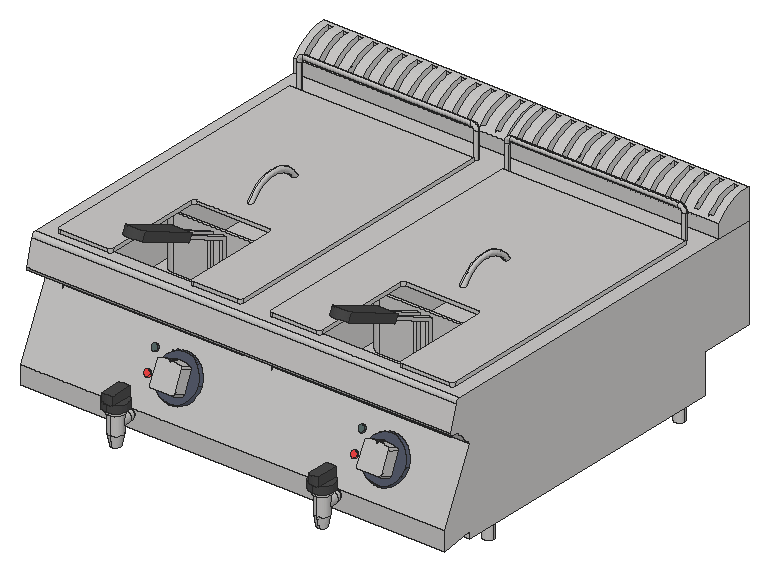
Revit family "QF_ZANUSSI_372076_Z7FREH2B00", category Specialty Equipment, Revit 2018 (continued)
Automatic sketch dimensions
  Extrusion 36 sketch curve to plane 7 "Center Y" = 71.036 mm
  Extrusion 36 sketch curve to Extrusion 36 sketch curve = 9.296 mm
  Extrusion 36 sketch curve to Extrusion 36 sketch curve = 57.15 mm
  plane 1 "BACK" to Extrusion 37 sketch curve = 6.761 mm
  Extrusion 37 sketch curve to plane 7 "Center Y" = 43.194 mm
  Extrusion 37 sketch curve to Extrusion 37 sketch curve = 9.296 mm
  Extrusion 37 sketch curve to Extrusion 37 sketch curve = 57.15 mm
  Extrusion 39 sketch curve to plane 1 "BACK" = 6.761 mm
  Extrusion 39 sketch curve to plane 7 "Center Y" = 15.351 mm
  Extrusion 39 sketch curve to Extrusion 39 sketch curve = 9.296 mm
  Extrusion 39 sketch curve to Extrusion 39 sketch curve = 57.15 mm
  Extrusion 46 sketch curve to plane 1 "BACK" = 6.761 mm
  Extrusion 46 sketch curve to plane 7 "Center Y" = 182.405 mm
  Extrusion 46 sketch curve to Extrusion 46 sketch curve = 9.296 mm
  Extrusion 46 sketch curve to Extrusion 46 sketch curve = 57.15 mm
  Extrusion 47 sketch curve to plane 1 "BACK" = 6.761 mm
  Extrusion 47 sketch curve to plane 7 "Center Y" = 154.563 mm
  Extrusion 47 sketch curve to Extrusion 47 sketch curve = 9.296 mm
  Extrusion 47 sketch curve to Extrusion 47 sketch curve = 57.15 mm
  Extrusion 48 sketch curve to plane 1 "BACK" = 6.761 mm
  Extrusion 48 sketch curve to plane 7 "Center Y" = 126.721 mm
  Extrusion 48 sketch curve to Extrusion 48 sketch curve = 9.296 mm
  Extrusion 48 sketch curve to Extrusion 48 sketch curve = 57.15 mm
  Extrusion 49 sketch curve to plane 1 "BACK" = 6.761 mm
  Extrusion 49 sketch curve to plane 7 "Center Y" = 98.878 mm
  Extrusion 49 sketch curve to Extrusion 49 sketch curve = 9.296 mm
  Extrusion 49 sketch curve to Extrusion 49 sketch curve = 57.15 mm
  Extrusion 50 sketch curve to plane 1 "BACK" = 6.761 mm
  Extrusion 50 sketch curve to plane 7 "Center Y" = 71.036 mm
  Extrusion 50 sketch curve to Extrusion 50 sketch curve = 9.296 mm
  Extrusion 50 sketch curve to Extrusion 50 sketch curve = 57.15 mm
  Extrusion 51 sketch curve to plane 1 "BACK" = 6.761 mm
  Extrusion 51 sketch curve to plane 7 "Center Y" = 43.194 mm
  Extrusion 51 sketch curve to Extrusion 51 sketch curve = 9.296 mm
  Extrusion 51 sketch curve to Extrusion 51 sketch curve = 57.15 mm
  plane 7 "Center Y" to Extrusion 52 sketch curve = 1.588 mm
  Extrusion 52 sketch curve to plane 7 "Center Y" = 1.587 mm
  Extrusion 52 sketch curve to plane 1 "BACK" = 0 mm
  Extrusion 52 sketch curve to Extrusion 52 sketch curve = 69.85 mm
  plane 3 "LEFT" to Blend 53 sketch curve = 275 mm  (x2)
  plane 3 "LEFT" to Extrusion 54 sketch curve = 252 mm
  Extrusion 54 sketch curve to Extrusion 54 sketch curve = 2.997 mm  (x3)
  Extrusion 54 sketch curve to Extrusion 54 sketch curve = 20.003 mm  (x2)
  Extrusion 54 sketch curve to Extrusion 54 sketch curve = 40.005 mm
  Extrusion 54 sketch curve to Extrusion 54 sketch curve = 5.399 mm
  Extrusion 54 sketch curve to Extrusion 54 sketch curve = 40.037 mm
  Extrusion 54 sketch curve to Extrusion 54 sketch curve = 0 mm  (x2)
  Extrusion 55 sketch curve to plane 5 "FRONT" = 9.329 mm
  Extrusion 55 sketch curve to plane 10 "TOP A" = 112.016 mm
  Extrusion 55 sketch curve to Extrusion 55 sketch curve = 3 mm
  Extrusion 55 sketch curve to Extrusion 55 sketch curve = 0 mm  (x2)
  Extrusion 55 sketch curve to Extrusion 55 sketch curve = 1 mm
  Extrusion 55 sketch curve to Extrusion 55 sketch curve = 15 mm
  plane 3 "LEFT" to Extrusion 56 sketch curve = 219.999 mm
  plane 3 "LEFT" to Extrusion 57 sketch curve = 257.5 mm
  Extrusion 57 sketch curve to Extrusion 57 sketch curve = 35 mm  (x2)
  plane 3 "LEFT" to Blend 58 sketch curve = 665 mm  (x2)
  plane 3 "LEFT" to Extrusion 59 sketch curve = 642 mm
  Extrusion 59 sketch curve to Extrusion 59 sketch curve = 2.997 mm  (x3)
  Extrusion 59 sketch curve to Extrusion 59 sketch curve = 20.003 mm  (x2)
  Extrusion 59 sketch curve to Extrusion 59 sketch curve = 40.005 mm
  Extrusion 59 sketch curve to Extrusion 59 sketch curve = 5.399 mm
  Extrusion 59 sketch curve to Extrusion 59 sketch curve = 40.037 mm
  Extrusion 59 sketch curve to Extrusion 59 sketch curve = 0 mm  (x2)
  plane 3 "LEFT" to Extrusion 60 sketch curve = 647.5 mm
  Extrusion 60 sketch curve to Extrusion 60 sketch curve = 35 mm  (x2)
  Extrusion 61 sketch curve to plane 5 "FRONT" = 9.329 mm
  Extrusion 61 sketch curve to plane 10 "TOP A" = 112.016 mm
  Extrusion 61 sketch curve to Extrusion 61 sketch curve = 3 mm
  Extrusion 61 sketch curve to Extrusion 61 sketch curve = 0 mm
  Extrusion 61 sketch curve to Extrusion 61 sketch curve = 1 mm  (x2)
  Extrusion 61 sketch curve to Extrusion 61 sketch curve = 15 mm
  plane 3 "LEFT" to Extrusion 62 sketch curve = 219.999 mm
  plane 3 "LEFT" to Extrusion 63 sketch curve = 609.999 mm
  plane 3 "LEFT" to Extrusion 64 sketch curve = 609.999 mm
  Extrusion 1 sketch curve to plane 5 "FRONT" = 0 mm
  Extrusion 1 sketch curve to plane 10 "TOP A" = 0 mm
  Extrusion 1 sketch curve to plane 9 "BASE" = 0 mm
  Extrusion 1 sketch curve to plane 1 "BACK" = 0 mm
  Extrusion 1 sketch curve to plane 5 "FRONT" = 15.116 mm
  Extrusion 1 sketch curve to Extrusion 1 sketch curve = 2.884 mm
  Extrusion 1 sketch curve to plane 10 "TOP A" = 7.474 mm
  Extrusion 1 sketch curve to plane 5 "FRONT" = 28.167 mm
  Extrusion 1 sketch curve to Extrusion 1 sketch curve = 10.198 mm
  plane 9 "BASE" to Extrusion 1 sketch curve = 13.428 mm
  Extrusion 1 sketch curve to plane 5 "FRONT" = 56.355 mm
  Extrusion 1 sketch curve to Extrusion 1 sketch curve = 0.445 mm
  Extrusion 1 sketch curve to Extrusion 1 sketch curve = 3.2 mm
  Extrusion 1 sketch curve to Extrusion 1 sketch curve = 31.82 mm
  Extrusion 1 sketch curve to plane 12 = 44.638 mm
  plane 9 "BASE" to Extrusion 1 sketch curve = 5.508 mm
  Extrusion 1 sketch curve to Extrusion 1 sketch curve = 35 mm
  Extrusion 1 sketch curve to Extrusion 1 sketch curve = 74 mm
  Extrusion 1 sketch curve to Extrusion 1 sketch curve = 81.162 mm
  Extrusion 1 sketch curve to Extrusion 1 sketch curve = 49.342 mm
  Extrusion 1 sketch curve to Extrusion 1 sketch curve = 3 mm
  Extrusion 2 sketch curve to plane 10 "TOP A" = 0 mm
  Extrusion 2 sketch curve to plane 1 "BACK" = 0 mm
  Extrusion 2 sketch curve to plane 6 "TOP" = 0 mm
  plane 1 "BACK" to Extrusion 2 sketch curve = 1.769 mm
  plane 10 "TOP A" to Extrusion 2 sketch curve = 25.4 mm
  plane 1 "BACK" to Extrusion 2 sketch curve = 69.85 mm
  plane 12 to Extrusion 3 sketch curve = 0.124 mm  (x2)
  Extrusion 3 sketch curve to plane 4 "RIGHT" = 33.338 mm
  plane 7 "Center Y" to Extrusion 3 sketch curve = 26.988 mm
  Extrusion 3 sketch curve to plane 7 "Center Y" = 26.988 mm
  plane 3 "LEFT" to Extrusion 3 sketch curve = 33.338 mm
  plane 11 to Extrusion 3 sketch curve = 57.877 mm
  Extrusion 3 sketch curve to Extrusion 3 sketch curve = 0 mm
  plane 11 to Extrusion 5 sketch curve = 0 mm  (x2)
  plane 12 to Extrusion 5 sketch curve = 0 mm  (x2)
  plane 3 "LEFT" to Extrusion 5 sketch curve = 11.112 mm  (x2)
  Extrusion 5 sketch curve to plane 4 "RIGHT" = 11.113 mm  (x2)
  Revolve 6 sketch curve to plane 9 "BASE" = 8.123 mm
  plane 5 "FRONT" to Revolve 6 sketch curve = 32.926 mm
  Revolve 6 sketch curve to Revolve 6 sketch curve = 9.009 mm
  plane 5 "FRONT" to Revolve 6 sketch curve = 20.301 mm
  Revolve 6 sketch curve to Revolve 6 sketch curve = 3.277 mm
  Revolve 6 sketch curve to Revolve 6 sketch curve = 6.35 mm
  plane 9 "BASE" to Revolve 6 sketch curve = 12.388 mm
  Revolve 6 sketch curve to Revolve 6 sketch curve = 36.341 mm
  Revolve 6 sketch curve to Revolve 6 sketch curve = 7.879 mm
  Revolve 6 sketch curve to Revolve 6 sketch curve = 12.7 mm  (x2)
  Revolve 6 sketch curve to Revolve 6 sketch curve = 0 mm
  Revolve 6 sketch curve to Revolve 6 sketch curve = 15.064 mm
  plane 5 "FRONT" to Revolve 7 sketch curve = 34.322 mm
  plane 5 "FRONT" to Revolve 7 sketch curve = 12.357 mm
  plane 5 "FRONT" to Revolve 7 sketch curve = 3.364 mm
  Revolve 7 sketch curve to plane 5 "FRONT" = 16.478 mm
  plane 9 "BASE" to Revolve 7 sketch curve = 19.447 mm
  Revolve 7 sketch curve to Revolve 7 sketch curve = 1.702 mm
  Revolve 7 sketch curve to Revolve 7 sketch curve = 2.047 mm
  Revolve 7 sketch curve to Revolve 7 sketch curve = 12.303 mm
  Revolve 7 sketch curve to Revolve 7 sketch curve = 0 mm  (x2)
  Revolve 7 sketch curve to Revolve 7 sketch curve = 9.137 mm
  Revolve 8 sketch curve to plane 9 "BASE" = 8.123 mm
  plane 5 "FRONT" to Revolve 8 sketch curve = 32.926 mm
  Revolve 8 sketch curve to Revolve 8 sketch curve = 9.009 mm
  plane 5 "FRONT" to Revolve 8 sketch curve = 20.301 mm
  Revolve 8 sketch curve to Revolve 8 sketch curve = 3.277 mm
  Revolve 8 sketch curve to Revolve 8 sketch curve = 6.35 mm
  plane 9 "BASE" to Revolve 8 sketch curve = 12.388 mm
  Revolve 8 sketch curve to Revolve 8 sketch curve = 36.341 mm
  Revolve 8 sketch curve to Revolve 8 sketch curve = 7.879 mm
  Revolve 8 sketch curve to Revolve 8 sketch curve = 12.7 mm  (x2)
  Revolve 8 sketch curve to Revolve 8 sketch curve = 0 mm
  Revolve 8 sketch curve to Revolve 8 sketch curve = 15.064 mm
  plane 5 "FRONT" to Revolve 9 sketch curve = 34.322 mm
  plane 5 "FRONT" to Revolve 9 sketch curve = 12.357 mm
  plane 5 "FRONT" to Revolve 9 sketch curve = 3.364 mm
  Revolve 9 sketch curve to plane 5 "FRONT" = 16.478 mm
  plane 9 "BASE" to Revolve 9 sketch curve = 19.447 mm
  Revolve 9 sketch curve to Revolve 9 sketch curve = 1.702 mm
  Revolve 9 sketch curve to Revolve 9 sketch curve = 2.047 mm
  Revolve 9 sketch curve to Revolve 9 sketch curve = 12.303 mm
  Revolve 9 sketch curve to Revolve 9 sketch curve = 0 mm  (x2)
  Revolve 9 sketch curve to Revolve 9 sketch curve = 9.137 mm
  Extrusion 10 sketch curve to Extrusion 10 sketch curve = 0 mm  (x5)
  Extrusion 10 sketch curve to Extrusion 10 sketch curve = 20.063 mm  (x2)
  Revolve 6 to Extrusion 10 sketch curve = 9.626 mm
  Extrusion 10 sketch curve to Revolve 6 = 9.626 mm
  Extrusion 10 sketch curve to Extrusion 10 sketch curve = 369.686 mm
  Extrusion 10 sketch curve to Extrusion 10 sketch curve = 9.626 mm
  plane 9 "BASE" to Extrusion 11 sketch curve = 33.906 mm
  plane 1 "BACK" to Extrusion 12 sketch curve = 0 mm
  Extrusion 12 sketch curve to plane 3 "LEFT" = 0 mm
  Extrusion 12 sketch curve to plane 4 "RIGHT" = 0 mm
  Extrusion 12 sketch curve to plane 3 "LEFT" = 150.019 mm
  plane 5 "FRONT" to Extrusion 12 sketch curve = 1.377 mm  (x2)
  plane 4 "RIGHT" to Extrusion 12 sketch curve = 150.019 mm
  Extrusion 12 sketch curve to plane 1 "BACK" = 150.019 mm
  curve 176 to plane 4 "RIGHT" = 0 mm
  plane 5 "FRONT" to curve 92 = 0 mm
  plane 1 "BACK" to curve 174 = 0 mm
  curve 24 to plane 3 "LEFT" = 0 mm
  plane 4 "RIGHT" to curve 3 = 150.019 mm
  curve 134 to plane 4 "RIGHT" = 13.453 mm
  curve 133 to curve 134 = 9.296 mm
  curve 42 to plane 4 "RIGHT" = 26.988 mm
  curve 42 to curve 43 = 6.35 mm
  curve 42 to curve 80 = 10.61 mm
  plane 1 "BACK" to curve 140 = 6.761 mm
  curve 132 to curve 140 = 18.547 mm
  curve 139 to curve 138 = 9.296 mm
  plane 1 "BACK" to curve 143 = 6.761 mm
  curve 138 to curve 143 = 18.547 mm
  curve 142 to curve 143 = 9.296 mm
  plane 1 "BACK" to curve 145 = 6.761 mm
  curve 141 to curve 145 = 18.547 mm
  curve 145 to curve 146 = 9.296 mm
  curve 43 to curve 45 = 88.9 mm
  plane 1 "BACK" to curve 149 = 6.761 mm
  curve 144 to curve 149 = 18.547 mm
  curve 46 to plane 4 "RIGHT" = 128.588 mm
  curve 148 to curve 149 = 9.296 mm
  curve 47 to curve 47 = 6.35 mm
  plane 1 "BACK" to curve 152 = 6.761 mm
  curve 147 to curve 152 = 18.547 mm
  curve 151 to curve 152 = 9.296 mm
  plane 1 "BACK" to curve 154 = 6.761 mm
  curve 150 to curve 154 = 18.547 mm
  curve 58 to plane 11 = 5.711 mm
  curve 45 to curve 58 = 58.32 mm
  curve 154 to curve 155 = 9.296 mm
  curve 47 to curve 67 = 60.633 mm
  curve 67 to curve 70 = 4.449 mm
  curve 58 to curve 88 = 19.467 mm
  plane 1 "BACK" to curve 158 = 6.761 mm
  curve 153 to curve 158 = 18.547 mm
  curve 157 to curve 156 = 9.296 mm
  curve 57 to curve 57 = 37.235 mm
  plane 1 "BACK" to curve 160 = 6.761 mm
  curve 156 to curve 160 = 18.547 mm
  curve 160 to curve 159 = 9.296 mm
  plane 1 "BACK" to curve 164 = 6.761 mm
  curve 159 to curve 164 = 18.547 mm
  curve 68 to curve 49 = 66.994 mm
  curve 163 to curve 164 = 9.296 mm
  curve 49 to curve 50 = 6.35 mm
  curve 51 to curve 51 = 6.35 mm
  plane 1 "BACK" to curve 167 = 6.761 mm
  curve 162 to curve 167 = 18.547 mm
  curve 166 to curve 167 = 9.296 mm
  plane 1 "BACK" to curve 170 = 6.761 mm
  curve 165 to curve 170 = 18.547 mm
  curve 169 to curve 168 = 9.296 mm
  plane 1 "BACK" to curve 172 = 6.761 mm
  curve 168 to curve 172 = 18.547 mm
  curve 172 to curve 173 = 9.296 mm
  plane 7 "Center Y" to curve 53 = 33.338 mm
  plane 7 "Center Y" to curve 79 = 28.891 mm
  curve 78 to curve 55 = 1.903 mm
  plane 1 "BACK" to curve 137 = 6.761 mm
  curve 171 to curve 137 = 18.547 mm
  curve 136 to curve 135 = 9.296 mm
  plane 7 "Center Y" to curve 174 = 1.587 mm
  curve 175 to plane 7 "Center Y" = 1.588 mm
  plane 1 "BACK" to curve 93 = 6.761 mm
  curve 175 to curve 93 = 13.764 mm
  curve 93 to curve 95 = 9.296 mm
  curve 22 to plane 7 "Center Y" = 26.988 mm
  curve 22 to curve 73 = 1.903 mm
  curve 21 to curve 21 = 6.35 mm
  plane 1 "BACK" to curve 129 = 6.761 mm
  curve 94 to curve 129 = 18.547 mm
  curve 129 to curve 131 = 9.296 mm
  plane 1 "BACK" to curve 126 = 6.761 mm
  curve 130 to curve 126 = 18.547 mm
  curve 126 to curve 127 = 9.296 mm
  plane 1 "BACK" to curve 125 = 6.761 mm
  curve 127 to curve 125 = 18.547 mm
  curve 123 to curve 124 = 9.296 mm
  curve 20 to curve 20 = 82.55 mm
  curve 19 to curve 18 = 6.35 mm
  plane 1 "BACK" to curve 120 = 6.761 mm
  curve 124 to curve 120 = 18.547 mm
  curve 18 to curve 16 = 6.35 mm
  curve 120 to curve 122 = 9.296 mm
  plane 1 "BACK" to curve 119 = 6.761 mm
  curve 121 to curve 119 = 18.547 mm
  curve 117 to curve 118 = 9.296 mm
  curve 26 to plane 11 = 5.711 mm
  curve 18 to curve 26 = 53.67 mm
  plane 1 "BACK" to curve 114 = 6.761 mm
  curve 118 to curve 114 = 18.547 mm
  curve 114 to curve 115 = 9.296 mm
  curve 28 to curve 82 = 17.768 mm
  plane 8 "Center X" to curve 37 = 38.031 mm
  curve 16 to curve 37 = 66.994 mm
  curve 37 to curve 38 = 4.449 mm
  plane 1 "BACK" to curve 113 = 6.761 mm
  curve 115 to curve 113 = 18.547 mm
  curve 25 to curve 26 = 37.235 mm
  curve 111 to curve 113 = 9.296 mm
  plane 1 "BACK" to curve 108 = 6.761 mm
  curve 112 to curve 108 = 18.547 mm
  curve 108 to curve 110 = 9.296 mm
  curve 36 to curve 15 = 60.633 mm
  plane 1 "BACK" to curve 105 = 6.761 mm
  curve 109 to curve 105 = 18.547 mm
  curve 15 to curve 14 = 6.35 mm
  curve 105 to curve 107 = 9.296 mm
  curve 13 to curve 13 = 6.35 mm
  plane 1 "BACK" to curve 102 = 6.761 mm
  curve 106 to curve 102 = 18.547 mm
  curve 102 to curve 103 = 9.296 mm
  plane 1 "BACK" to curve 99 = 6.761 mm
  curve 103 to curve 99 = 18.547 mm
  curve 99 to curve 101 = 9.296 mm
  plane 1 "BACK" to curve 96 = 6.761 mm
  curve 100 to curve 96 = 18.547 mm
  curve 96 to curve 98 = 9.296 mm
  curve 97 to curve 73 = 3.697 mm
  plane 3 "LEFT" to curve 11 = 33.338 mm
  curve 74 to curve 10 = 10.61 mm
  plane 1 "BACK" to curve 9 = 6.761 mm
  curve 97 to curve 9 = 18.547 mm
  curve 7 to curve 8 = 9.296 mm
  curve 1 to plane 3 "LEFT" = 150.019 mm
  curve 1 to plane 1 "BACK" = 150.019 mm
  plane 1 "BACK" to curve 134 = 6.761 mm
  curve 93 to curve 24 = 63.089 mm
  curve 24 to curve 174 = 0 mm
  curve 80 to plane 12 = 47.223 mm
  curve 24 to curve 76 = 30.564 mm
  curve 73 to curve 75 = 7.655 mm
  curve 77 to curve 79 = 7.655 mm
  curve 75 to curve 23 = 4.767 mm
  curve 79 to curve 55 = 4.767 mm
  plane 8 "Center X" to curve 68 = 38.031 mm
  curve 38 to plane 8 "Center X" = 63.432 mm
  curve 69 to plane 8 "Center X" = 63.432 mm
  curve 67 to curve 48 = 46.229 mm
  curve 37 to curve 16 = 46.229 mm
  plane 11 to curve 61 = 57.877 mm
  plane 11 to curve 11 = 57.877 mm
  plane 11 to curve 46 = 57.877 mm
  plane 11 to curve 18 = 57.927 mm
  curve 58 to plane 5 "FRONT" = 8.614 mm
  curve 56 to plane 5 "FRONT" = 8.614 mm
  curve 27 to plane 5 "FRONT" = 8.564 mm
  curve 25 to plane 5 "FRONT" = 8.564 mm
  plane 5 "FRONT" to curve 81 = 32.926 mm
  plane 5 "FRONT" to curve 87 = 32.926 mm
  curve 66 to curve 66 = 3.442 mm
  curve 59 to curve 66 = 3.442 mm
  curve 57 to curve 63 = 4.079 mm
  curve 92 to curve 88 = 11.007 mm
  curve 89 to curve 87 = 9.626 mm
  curve 63 to curve 62 = 5.857 mm
  curve 66 to curve 59 = 0 mm
  curve 62 to curve 65 = 17.363 mm
  curve 87 to curve 90 = 9.626 mm
  curve 91 to curve 56 = 6.654 mm
  curve 64 to curve 56 = 4.079 mm
  curve 17 to curve 33 = 51.399 mm
  curve 25 to curve 85 = 6.654 mm
  curve 84 to curve 81 = 9.626 mm
  curve 33 to curve 34 = 5.857 mm
  curve 35 to curve 28 = 0 mm  (x2)
  curve 34 to curve 31 = 17.363 mm
  curve 81 to curve 83 = 9.626 mm
  curve 83 to curve 86 = 1.381 mm
  curve 31 to curve 32 = 5.857 mm
  curve 35 to curve 28 = 3.442 mm
  curve 124 to curve 124 = 57.15 mm
  curve 124 to curve 126 = 0 mm
  curve 121 to curve 124 = 0 mm
  curve 121 to curve 120 = 0 mm
  curve 127 to curve 126 = 0 mm
  curve 126 to curve 129 = 0 mm
  curve 130 to curve 129 = 0 mm
  curve 132 to curve 176 = 5.939 mm
  curve 118 to curve 121 = 0 mm
  curve 118 to curve 117 = 0 mm
  curve 132 to curve 133 = 0 mm
  curve 135 to curve 174 = 5.939 mm
  curve 135 to curve 136 = 0 mm
  curve 138 to curve 132 = 0 mm
  curve 115 to curve 118 = 0 mm
  curve 115 to curve 114 = 0 mm
  curve 138 to curve 139 = 0 mm
  curve 141 to curve 138 = 0 mm
  curve 141 to curve 142 = 0 mm
  curve 144 to curve 141 = 0 mm
  curve 112 to curve 115 = 0 mm
  curve 112 to curve 111 = 0 mm
  curve 144 to curve 145 = 0 mm
  curve 147 to curve 144 = 0 mm
  curve 147 to curve 148 = 0 mm
  curve 150 to curve 147 = 0 mm
  curve 109 to curve 112 = 0 mm
  curve 109 to curve 108 = 0 mm
  curve 150 to curve 151 = 0 mm
  curve 153 to curve 150 = 0 mm
  curve 153 to curve 154 = 0 mm
  curve 93 to curve 24 = 5.939 mm
  curve 106 to curve 109 = 0 mm
  curve 106 to curve 105 = 0 mm
  curve 94 to curve 93 = 0 mm
  curve 156 to curve 153 = 0 mm
  curve 156 to curve 157 = 0 mm
  curve 159 to curve 156 = 0 mm
  curve 103 to curve 106 = 0 mm
  curve 103 to curve 102 = 0 mm
  curve 159 to curve 160 = 0 mm
  curve 162 to curve 159 = 0 mm
  curve 162 to curve 163 = 0 mm
  curve 165 to curve 162 = 0 mm
  curve 100 to curve 103 = 0 mm
  curve 100 to curve 99 = 0 mm
  curve 165 to curve 166 = 0 mm
  curve 168 to curve 165 = 0 mm
  curve 168 to curve 169 = 0 mm
  curve 136 to curve 171 = 0 mm
  curve 97 to curve 100 = 0 mm
  curve 97 to curve 96 = 0 mm
  curve 171 to curve 172 = 0 mm
  curve 8 to curve 24 = 5.939 mm
  curve 8 to curve 7 = 0 mm
  curve 124 to curve 123 = 0 mm
  curve 14 to curve 40 = 22.324 mm
  curve 50 to curve 71 = 22.324 mm
  curve 47 to curve 62 = 25.499 mm
  curve 40 to curve 41 = 3.175 mm
  curve 66 to curve 56 = 17.436 mm
  curve 35 to curve 27 = 17.436 mm
  curve 66 to curve 59 = 6.713 mm
  curve 35 to curve 28 = 6.713 mm
  curve 59 to curve 66 = 4.011 mm
  curve 35 to curve 25 = 6.713 mm
  plane 5 "FRONT" to curve 1 = 1.377 mm
  plane 5 "FRONT" to curve 3 = 1.377 mm
  plane 5 "FRONT" to curve 82 = 10.673 mm
  plane 5 "FRONT" to curve 88 = 10.673 mm
  Extrusion 13 sketch curve to plane 4 "RIGHT" = 26.988 mm
  Extrusion 13 sketch curve to Extrusion 13 sketch curve = 6.35 mm  (x8)
  Extrusion 13 sketch curve to Extrusion 13 sketch curve = 88.9 mm
  Extrusion 13 sketch curve to plane 4 "RIGHT" = 128.588 mm
  plane 7 "Center Y" to Extrusion 13 sketch curve = 128.587 mm
  plane 11 to Extrusion 13 sketch curve = 57.877 mm  (x4)
  plane 7 "Center Y" to Extrusion 13 sketch curve = 122.238 mm
  plane 7 "Center Y" to Extrusion 13 sketch curve = 33.338 mm
  Extrusion 13 sketch curve to plane 7 "Center Y" = 26.988 mm
  Extrusion 13 sketch curve to Extrusion 13 sketch curve = 82.55 mm
  plane 3 "LEFT" to Extrusion 13 sketch curve = 134.938 mm
  plane 3 "LEFT" to Extrusion 13 sketch curve = 128.588 mm
  plane 3 "LEFT" to Extrusion 13 sketch curve = 33.338 mm
  plane 3 "LEFT" to Extrusion 13 sketch curve = 26.988 mm
  Extrusion 13 sketch curve to plane 8 "Center X" = 116.012 mm  (x2)
  Extrusion 13 sketch curve to plane 12 = 34.801 mm  (x2)
  Sweep 14 sketch curve to plane 10 "TOP A" = 0 mm  (x2)
  Sweep 14 sketch curve to plane 6 "TOP" = 9.525 mm  (x2)
  plane 3 "LEFT" to Sweep 14 sketch curve = 39.688 mm
  Sweep 14 sketch curve to Sweep 14 sketch curve = 6.35 mm
  Sweep 14 sketch curve to plane 7 "Center Y" = 37.331 mm
  Sweep 14 sketch curve to profile plane = 2.09 mm
  profile plane to Sweep 14 sketch curve = 140.754 mm
  Extrusion 21 sketch curve to Extrusion 21 sketch curve = 0 mm  (x16)
  Extrusion 21 sketch curve to plane 4 "RIGHT" = 91.225 mm
  Extrusion 21 sketch curve to Extrusion 21 sketch curve = 3.175 mm  (x2)
  Extrusion 21 sketch curve to Extrusion 21 sketch curve = 22.225 mm  (x6)
  plane 7 "Center Y" to Extrusion 21 sketch curve = 105.625 mm  (x2)
  Extrusion 21 sketch curve to plane 7 "Center Y" = 80.225 mm
  plane 3 "LEFT" to Extrusion 21 sketch curve = 116.625 mm  (x2)
  plane 12 to Extrusion 21 sketch curve = 41.498 mm  (x2)
  Extrusion 21 sketch curve to plane 8 "Center X" = 116.11 mm  (x2)
  Sweep 24 sketch curve to plane 10 "TOP A" = 0 mm  (x2)
  Sweep 24 sketch curve to plane 6 "TOP" = 9.525 mm  (x2)
  Sweep 24 sketch curve to plane 4 "RIGHT" = 39.688 mm
  Sweep 24 sketch curve to Sweep 24 sketch curve = 6.35 mm
  plane 7 "Center Y" to Sweep 24 sketch curve = 37.331 mm
  profile plane to Sweep 24 sketch curve = 2.09 mm
  profile plane to Sweep 24 sketch curve = 140.754 mm
  Extrusion 38 sketch curve to plane 1 "BACK" = 6.761 mm
  plane 4 "RIGHT" to Extrusion 38 sketch curve = 22.749 mm
  Extrusion 38 sketch curve to Extrusion 38 sketch curve = 9.296 mm
  Extrusion 38 sketch curve to Extrusion 38 sketch curve = 57.15 mm
  Extrusion 40 sketch curve to plane 1 "BACK" = 6.761 mm
  plane 4 "RIGHT" to Extrusion 40 sketch curve = 50.591 mm
  Extrusion 40 sketch curve to Extrusion 40 sketch curve = 9.296 mm
  Extrusion 40 sketch curve to Extrusion 40 sketch curve = 57.15 mm
  Extrusion 41 sketch curve to plane 1 "BACK" = 6.761 mm
  plane 4 "RIGHT" to Extrusion 41 sketch curve = 78.433 mm
  Extrusion 41 sketch curve to Extrusion 41 sketch curve = 9.296 mm
  Extrusion 41 sketch curve to Extrusion 41 sketch curve = 57.15 mm
  Extrusion 42 sketch curve to plane 1 "BACK" = 6.761 mm
  plane 4 "RIGHT" to Extrusion 42 sketch curve = 106.275 mm
  Extrusion 42 sketch curve to Extrusion 42 sketch curve = 9.296 mm
  Extrusion 42 sketch curve to Extrusion 42 sketch curve = 57.15 mm
  Extrusion 43 sketch curve to plane 1 "BACK" = 6.761 mm
  plane 4 "RIGHT" to Extrusion 43 sketch curve = 134.118 mm
  Extrusion 43 sketch curve to Extrusion 43 sketch curve = 9.296 mm
  Extrusion 43 sketch curve to Extrusion 43 sketch curve = 57.15 mm
  Extrusion 44 sketch curve to plane 1 "BACK" = 6.761 mm
  plane 4 "RIGHT" to Extrusion 44 sketch curve = 161.96 mm
  Extrusion 44 sketch curve to Extrusion 44 sketch curve = 9.296 mm
  Extrusion 44 sketch curve to Extrusion 44 sketch curve = 57.15 mm
  Extrusion 45 sketch curve to plane 1 "BACK" = 6.761 mm
  plane 4 "RIGHT" to Extrusion 45 sketch curve = 189.802 mm
  Extrusion 45 sketch curve to Extrusion 45 sketch curve = 9.296 mm
  Extrusion 45 sketch curve to Extrusion 45 sketch curve = 57.15 mm
  plane 5 "FRONT" to curve 91 = 0 mm
  plane 5 "FRONT" to curve 86 = 0 mm
  plane 5 "FRONT" to curve 85 = 0 mm
  plane 5 "FRONT" to curve 6 = 0 mm
  plane 5 "FRONT" to curve 5 = 0 mm
  curve 223 to plane 3 "LEFT" = 0 mm
  curve 205 to plane 3 "LEFT" = 0 mm
  plane 5 "FRONT" to curve 223 = 0 mm
  plane 5 "FRONT" to curve 241 = 0 mm
  plane 5 "FRONT" to curve 222 = 0 mm
  plane 5 "FRONT" to curve 242 = 0 mm
  plane 5 "FRONT" to curve 240 = 0 mm
  curve 205 to plane 4 "RIGHT" = 0 mm
  curve 240 to plane 4 "RIGHT" = 0 mm
  plane 5 "FRONT" to curve 206 = 9.347 mm
  curve 206 to plane 7 "Center Y" = 148 mm
  curve 207 to curve 207 = 0.809 mm
  curve 210 to curve 210 = 1.583 mm
  curve 207 to curve 208 = 1.846 mm
  curve 207 to curve 221 = 2.189 mm
  curve 206 to curve 209 = 11.892 mm
  curve 213 to plane 5 "FRONT" = 9.329 mm
  curve 210 to curve 213 = 20.417 mm
  curve 221 to curve 211 = 19.134 mm
  curve 211 to curve 220 = 1.738 mm
  curve 212 to curve 213 = 2 mm
  curve 209 to curve 218 = 22.215 mm
  curve 213 to curve 221 = 19.003 mm
  curve 217 to curve 217 = 0.343 mm
  curve 217 to curve 219 = 1.071 mm
  curve 217 to curve 216 = 2.189 mm
  curve 216 to curve 215 = 0.809 mm
  plane 5 "FRONT" to curve 224 = 9.347 mm
  curve 224 to plane 4 "RIGHT" = 158 mm
  curve 224 to curve 225 = 0.809 mm
  curve 228 to curve 228 = 1.583 mm
  curve 225 to curve 226 = 1.846 mm
  curve 225 to curve 239 = 2.189 mm
  curve 224 to curve 227 = 11.892 mm
  curve 231 to plane 5 "FRONT" = 9.329 mm
  curve 228 to curve 231 = 20.417 mm
  curve 239 to curve 229 = 19.134 mm
  curve 229 to curve 238 = 1.738 mm
  curve 230 to curve 231 = 2 mm
  curve 227 to curve 236 = 22.215 mm
  curve 231 to curve 239 = 19.003 mm
  curve 235 to curve 235 = 0.343 mm
  curve 235 to curve 237 = 1.071 mm
  curve 235 to curve 234 = 2.189 mm
  curve 234 to curve 233 = 0.809 mm
  plane 5 "FRONT" to curve 215 = 9.347 mm
  plane 5 "FRONT" to curve 234 = 9.347 mm
  curve 221 to curve 216 = 1.333 mm
  curve 239 to curve 225 = 1.333 mm
  curve 220 to curve 221 = 86.839 mm
  curve 229 to curve 239 = 86.839 mm
  curve 229 to curve 238 = 0 mm
  curve 211 to curve 220 = 0 mm
  curve 234 to curve 235 = 2.779 mm
  curve 207 to curve 208 = 2.779 mm
  curve 216 to curve 217 = 2.779 mm
  curve 225 to curve 226 = 2.779 mm
  curve 210 to plane 5 "FRONT" = 7.894 mm
  curve 228 to plane 5 "FRONT" = 7.894 mm
  curve 219 to plane 5 "FRONT" = 7.894 mm
  curve 237 to plane 5 "FRONT" = 7.894 mm
  curve 212 to curve 209 = 41.91 mm
  curve 231 to curve 236 = 41.91 mm
  curve 209 to curve 218 = 0 mm
  curve 227 to curve 236 = 0 mm
  plane 3 "LEFT" to curve 177 = 13.453 mm
  curve 177 to curve 177 = 9.296 mm
  curve 177 to curve 179 = 18.547 mm
  curve 179 to curve 179 = 9.296 mm
  curve 179 to curve 180 = 18.547 mm
  curve 180 to curve 180 = 9.296 mm
  curve 180 to curve 181 = 18.547 mm
  curve 181 to curve 181 = 9.296 mm
  curve 181 to curve 182 = 18.547 mm
  curve 182 to curve 182 = 9.296 mm
  curve 182 to curve 183 = 18.547 mm
  curve 183 to curve 183 = 9.296 mm
  curve 183 to curve 184 = 18.547 mm
  curve 184 to curve 184 = 9.296 mm
  curve 223 to curve 241 = 52.33 mm
  curve 184 to curve 185 = 18.547 mm
  curve 223 to curve 241 = 11.296 mm
  curve 185 to curve 185 = 9.296 mm
  curve 185 to curve 186 = 18.547 mm
  curve 209 to curve 206 = 9.809 mm
  curve 186 to curve 186 = 9.296 mm
  curve 210 to curve 210 = 0.284 mm
  curve 186 to curve 187 = 18.547 mm
  curve 187 to curve 187 = 9.296 mm
  curve 187 to curve 188 = 18.547 mm
  curve 219 to curve 220 = 0.284 mm
  curve 188 to curve 188 = 9.296 mm
  curve 215 to curve 218 = 9.809 mm
  curve 188 to curve 189 = 18.547 mm
  curve 189 to curve 189 = 9.296 mm
  curve 189 to curve 190 = 18.547 mm
  curve 190 to curve 190 = 9.296 mm
  curve 190 to curve 178 = 18.547 mm
  curve 178 to curve 178 = 9.296 mm
  plane 7 "Center Y" to curve 192 = 15.351 mm
  curve 192 to curve 192 = 9.296 mm
  curve 192 to curve 204 = 18.547 mm
  curve 204 to curve 204 = 9.296 mm
  curve 204 to curve 203 = 18.547 mm
  curve 203 to curve 203 = 9.296 mm
  curve 203 to curve 202 = 18.547 mm
  curve 202 to curve 202 = 9.296 mm
  curve 202 to curve 201 = 18.547 mm
  curve 201 to curve 201 = 9.296 mm
  curve 201 to curve 200 = 18.547 mm
  curve 200 to curve 200 = 9.296 mm
  curve 200 to curve 199 = 18.547 mm
  curve 222 to curve 242 = 53.12 mm
  curve 199 to curve 199 = 9.296 mm
  curve 222 to curve 242 = 11.115 mm
  curve 199 to curve 198 = 18.547 mm
  curve 198 to curve 198 = 9.296 mm
  curve 227 to curve 224 = 9.809 mm
  curve 198 to curve 197 = 18.547 mm
  curve 229 to curve 228 = 0.284 mm
  curve 197 to curve 197 = 9.296 mm
  curve 197 to curve 196 = 18.547 mm
  curve 196 to curve 196 = 9.296 mm
  curve 237 to curve 237 = 0.284 mm
  curve 196 to curve 195 = 18.547 mm
  curve 233 to curve 236 = 9.809 mm
  curve 195 to curve 195 = 9.296 mm
  curve 195 to curve 194 = 18.547 mm
  curve 194 to curve 194 = 9.296 mm
  curve 194 to curve 193 = 18.547 mm
  curve 193 to curve 193 = 9.296 mm
  curve 193 to curve 191 = 18.547 mm
  curve 191 to curve 191 = 9.296 mm
  curve 228 to curve 228 = 0.567 mm
  curve 219 to curve 219 = 0.567 mm
  curve 237 to curve 237 = 0.567 mm
  curve 210 to curve 210 = 0.567 mm
  curve 229 to curve 227 = 1.156 mm
  plane 1 "BACK" to curve 197 = 63.911 mm
  curve 198 to curve 197 = 0 mm
  curve 197 to curve 195 = 0 mm
  curve 195 to curve 194 = 0 mm
  curve 194 to curve 193 = 0 mm
  curve 199 to curve 198 = 0 mm
  plane 1 "BACK" to curve 192 = 63.911 mm
  curve 193 to curve 191 = 0 mm
  curve 190 to curve 192 = 0 mm
  curve 189 to curve 190 = 0 mm
  curve 196 to curve 195 = 0 mm
  curve 188 to curve 189 = 0 mm
  curve 200 to curve 199 = 0 mm
  curve 201 to curve 200 = 0 mm
  curve 202 to curve 201 = 0 mm
  curve 187 to curve 188 = 0 mm
  curve 186 to curve 187 = 0 mm
  curve 203 to curve 202 = 0 mm
  curve 185 to curve 186 = 0 mm
  curve 184 to curve 185 = 0 mm
  curve 183 to curve 184 = 0 mm
  curve 182 to curve 183 = 0 mm
  curve 204 to curve 203 = 0 mm
  curve 181 to curve 182 = 0 mm
  curve 180 to curve 181 = 0 mm
  curve 179 to curve 180 = 0 mm
  curve 190 to curve 178 = 0 mm
  curve 177 to curve 179 = 0 mm
  radius of Sweep 18 sketch curve = 4.353 mm
  radius of Sweep 19 sketch curve = 4.353 mm
  radius of Blend 53 sketch curve = 42.5 mm
  radius of Blend 53 sketch curve = 40.5 mm
  radius of Extrusion 56 sketch curve = 6 mm
  radius of Split face 1 sketch curve = 1.5 mm
  radius of Split face 2 sketch curve = 1.5 mm
  radius of Split face 3 sketch curve = 1.5 mm
  radius of Split face 4 sketch curve = 1.5 mm
  radius of Split face 5 sketch curve = 1.5 mm
  radius of Split face 6 sketch curve = 1.5 mm
  radius of Split face 7 sketch curve = 1.5 mm
  radius of Split face 8 sketch curve = 1.5 mm
  radius of Blend 58 sketch curve = 42.5 mm
  radius of Blend 58 sketch curve = 40.5 mm
  radius of Split face 9 sketch curve = 1.5 mm
  radius of Split face 10 sketch curve = 1.5 mm
  radius of Split face 11 sketch curve = 1.5 mm
  radius of Split face 12 sketch curve = 1.5 mm
  radius of Split face 13 sketch curve = 1.5 mm
  radius of Split face 14 sketch curve = 1.5 mm
  radius of Split face 15 sketch curve = 1.5 mm
  radius of Split face 16 sketch curve = 1.5 mm
  radius of Split face 17 sketch curve = 1.5 mm
  radius of Split face 18 sketch curve = 1.5 mm
  radius of Extrusion 62 sketch curve = 6 mm
  radius of Extrusion 63 sketch curve = 6 mm
  radius of Extrusion 64 sketch curve = 6 mm
  radius of Extrusion 5 sketch curve = 9.525 mm  (x4)
  radius of Extrusion 10 sketch curve to Revolve 6 = 0 mm  (x2)
  radius of Extrusion 11 sketch curve = 12.7 mm
  radius of Sweep 14 sketch curve = 3.827 mm
  radius of Sweep 24 sketch curve = 3.827 mm
Connectors
  electrical at (736.5, -88.9, 58.906), driven by "Volts", driven by "Watts"
    settings: on Extrusion 11, index 1, voltage 400 V, apparent load 10800 VA, apparent load phase1 0 VA, apparent load phase2 0 VA, apparent load phase3 0 VA, power factor 1, load classification "Other", number of poles 1, system type 30, power factor state 1, is connector primary yes, connector utility no, sub classification motor no, connector description "Electrical Connection"
